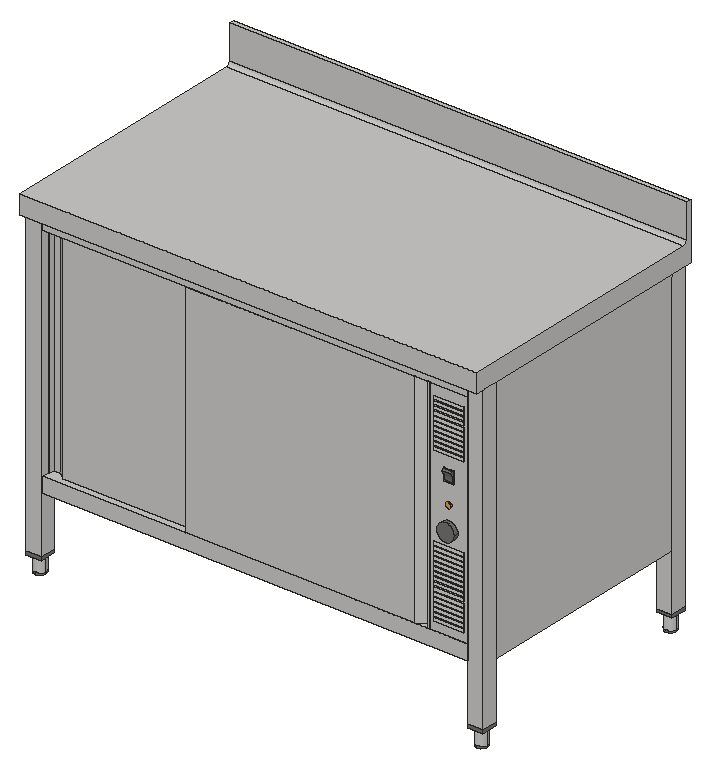
Revit family "QF_ELECTROLUXPROFESSIONAL_134050_GTC1210E", category Attrezzature speciali, Revit 2020
Family settings
  Quota connettore circolare = Usa diametro
  Tipo di parte = Normale
  Basato su piano di lavoro = No
  Sempre verticale = Sì
  Taglio con vuoti quando caricato = No
  Condiviso = No
  Punto di calcolo locali = No
Parameters (values of type "Standard")
  Weight = 72.00 kg
  Watts = 2530 W
  Volts = 220 V
  URL Manufacturer = "https://www.electroluxprofessional.com/"
  URL = "https://www.electroluxprofessional.com/"
  Steam Supply Size = 0 mm
  Steam Supply Minimum Pressure = 0.0 Pa
  Steam Supply Maximum Pressure = 0.0 Pa
  Steam Consumption per Hour = 0
  Refrigeration Suction Line Size = 0.0 mm
  Refrigeration Liquid Line Size = 0.0 mm
  Refrigerant Compressor Remote = yes
  Prospetto di default = 0.0 mm
  Produttore = "Electrolux Professional"
  Phase = 1
  Modello = "GTC1210E"
  Length Actual = 1200.0 mm  # constant formula
  Item Number = "134050"
  Hot Water Size = 0 mm
  Height Actual = 1000.0 mm  # constant formula
  HP = "3.4 HP"
  Gas Size = 0 mm
  Gas KW = 0
  Gas Input Pressure = 0 W
  Direct Waste Size = 0 mm
  Descrizione = "HOT CUPBOARD WITH UPSTAND 1200 MM"
  Depth Actual = 700.0 mm  # constant formula
  Cycle = 50 Hz
  Condensate Return Size = 0 mm
  Compressed Air Volume = 0.0 L/s
  Compressed Air Size = 0 mm
  Compressed Air Pressure = 0.0 Pa
  Cold Water Size = 0 mm
  Accessory = yes
Reference planes
  plane 1 "Center (Front/Back)": y = 0
  plane 2: z = 0
  plane 3 "Center (Left/Right)": x = -100
  plane 4 "LEFT": x = -700
  plane 5 "RIGHT": x = 500
  plane 6 "BACK": y = 350
  plane 7 "FRONT": y = -350
  plane 8 "Base": z = 850
  plane 9 "TOP": z = 900
  plane 10: x = -680
  plane 11: x = 480
  plane 12: y = 310
  plane 13: y = -310
  plane 14 "BodyLeft": x = -700
  plane 15 "BodyFront": y = -330
  plane 16 "BodyRight": x = 500
  plane 17 "BodyBack": y = 330
  plane 18 "FEET": z = 200
  plane 19: x = -20
  plane 20: x = -280
  plane 21 "AxeSlideDoor": x = -150
  plane 22: x = 360
  plane 23: x = 410
  plane 24: y = -160
Forms (mm)
  Extrusion 1, solid, material "QF_Finishes_Stainless Steel"
    sketch origin (-100, 0, 0) x (0, 1, 0) y (0, 0, 1)
      loop
        line (-350, 850) -> (350, 850) -> (350, 1000) -> (337, 1000) -> (337, 910)
        arc (337, 910) -> (334.071, 902.929) -> (327, 900) r 10
        line (327, 900) -> (-350, 900) -> (-350, 850)
    from 600 to -600
  Extrusion 2, solid, material "QF_Finishes_Stainless Steel"
    sketch origin (0, 0, 200) x (-1, 0, 0) y (0, -1, 0)
      loop
        line (700, -290) -> (700, 290) -> (660, 290) -> (660, -290) -> (700, -290)
      loop
        line (-460, -290) -> (-460, 290) -> (-500, 290) -> (-500, -290) -> (-460, -290)
    from 0 to 650
  Extrusion 3, solid, material "QF_Finishes_Stainless Steel"
    sketch origin (0, 0, 200) x (-1, 0, 0) y (0, -1, 0)
      loop
        line (660, -290) -> (660, 330) -> (-460, 330) -> (-460, -290) -> (660, -290)
    from 0 to 40
  Extrusion 4, solid, material "QF_Finishes_Stainless Steel"
    sketch origin (0, 0, 200) x (-1, 0, 0) y (0, -1, 0)
      loop
        line (660, -290) -> (-460, -290) -> (-460, -330) -> (660, -330) -> (660, -290)
    from 0 to 650
  Extrusion 5, solid, material "QF_Finishes_Stainless Steel"
    sketch origin (0, 0, 200) x (-1, 0, 0) y (0, -1, 0)
      loop
        line (-360, 330) -> (-360, 310) -> (280, 310) -> (280, 330) -> (-320, 330) -> (-340, 315) -> (-355, 315) -> (-355, 330) -> (-360, 330)
    from 40 to 620
  Extrusion 6, solid, material "QF_Finishes_Stainless Steel"
    sketch origin (0, 20, 200) x (1, 0, 0) y (0, 1, 0)
      loop
        line (-660, -330) -> (-655, -330) -> (-655, -315) -> (-640, -315) -> (-620, -330) -> (-20, -330) -> (-20, -310) -> (-660, -310) -> (-660, -330)
    from 40 to 620
  Extrusion 7, solid, material "QF_Finishes_Stainless Steel"
    sketch origin (0, 0, 200) x (-1, 0, 0) y (0, -1, 0)
      loop
        line (660, 290) -> (-460, 290) -> (-460, -290) -> (660, -290) -> (660, 290)
    from 350 to 390
  Extrusion 8, solid, material "QF_Finishes_Stainless Steel"
    sketch origin (0, 0, 200) x (-1, 0, 0) y (0, -1, 0)
      loop
        line (660, 330) -> (-460, 330) -> (-460, -310) -> (660, -310) -> (660, 330)
    from 620 to 650
  Extrusion 9, solid, material "QF_Finishes_Stainless Steel"
    sketch origin (0, 0, 200) x (-1, 0, 0) y (0, -1, 0)
      loop
        circle (-410, 160) r 10
    from 0 to -5
Lines and regions (mm)
  symbolic lines
    curve 1: line (500, 350, 900) -> (-700, 350, 900)
    curve 2: line (-700, 350, 900) -> (-700, -350, 900)
    curve 3: line (-700, -350, 900) -> (500, -350, 900)
    curve 4: line (500, -350, 900) -> (500, 350, 900)
  symbolic lines, style "SpecialityEquipmentHiddenLines"
    curve 5: line (-700, 330, 200) -> (500, 330, 200)
    curve 6: line (-700, -330, 200) -> (-700, 330, 200)
    curve 7: line (500, -330, 200) -> (-700, -330, 200)
    curve 8: line (500, 330, 200) -> (500, -330, 200)
    curve 9: line (-660, -290, 200) -> (-20, -290, 200)
    curve 10: line (-20, -290, 200) -> (-20, -310, 200)
    curve 11: line (-660, -310, 200) -> (360, -310, 200)
    curve 12: line (360, -310, 200) -> (360, -330, 200)
    curve 13: line (-280, -310, 200) -> (-280, -330, 200)
    curve 14: line (-660, -290, 200) -> (-660, -310, 200)
  symbolic lines, style "SpecialityEquipment"
    curve 15: line (-700, 337, 200) -> (500, 337, 200)
Dimensions and locks
  plane 4 "LEFT" to plane 5 "RIGHT" = 1200.0 mm
  equal spacing: plane 4 "LEFT", plane 3 "Center (Left/Right)", plane 5 "RIGHT"
  locked: plane 8 "Base" to level at 850
  plane 9 "TOP" to level = 900.0 mm
  plane 6 "BACK" to plane 7 "FRONT" = 700.0 mm
  equal spacing: plane 6 "BACK", plane 1 "Center (Front/Back)", plane 7 "FRONT"
  locked: plane 4 "LEFT" to plane 14 "BodyLeft"
  locked: plane 16 "BodyRight" to plane 5 "RIGHT"
  locked: plane 15 "BodyFront" to plane 7 "FRONT" at 20
  locked: plane 6 "BACK" to plane 17 "BodyBack" at 20
  locked: plane 14 "BodyLeft" to plane 10 at 20
  locked: plane 11 to plane 16 "BodyRight" at 20
  locked: plane 13 to plane 15 "BodyFront" at 20
  locked: plane 17 "BodyBack" to plane 12 at 20
  plane 10 to plane 11 = 1160.0 mm
  plane 12 to plane 13 = 620.0 mm
  locked: plane 14 "BodyLeft" to Extrusion 2 sketch curve at 40
  Extrusion 2 sketch curve to Extrusion 2 sketch curve = 40.0 mm
  locked: plane 18 "FEET" to plane 2 at 200
  plane 22 to plane 5 "RIGHT" = 140.0 mm
  equal spacing: Extrusion 2, plane 21 "AxeSlideDoor", plane 22
  locked: plane 20 to plane 21 "AxeSlideDoor" at 130
  locked: plane 21 "AxeSlideDoor" to plane 19 at 130
  plane 24 to plane 7 "FRONT" = 190.0 mm
  plane 23 to plane 16 "BodyRight" = 90.0 mm
  locked: Extrusion 1 to level at 1000
  aligned and locked: level to plane 2
  aligned and locked: plane 10 to nested 1
  aligned and locked: nested 1 to plane 13
  aligned and locked: plane 11 to nested 2
  aligned and locked: nested 2 to plane 13
  aligned and locked: plane 11 to nested 4
  aligned and locked: nested 4 to plane 12
  aligned and locked: plane 10 to nested 3
  aligned and locked: nested 3 to plane 12
  aligned and locked: Extrusion 1 to plane 4 "LEFT"
  aligned and locked: plane 5 "RIGHT" to Extrusion 1
  aligned and locked: curve 2 to plane 4 "LEFT"
  aligned and locked: Extrusion 2 sketch curve to plane 14 "BodyLeft"
  aligned and locked: plane 16 "BodyRight" to Extrusion 2 sketch curve
  aligned and locked: plane 8 "Base" to Extrusion 2
  aligned and locked: Extrusion 5 to Extrusion 3
  aligned and locked: Extrusion 6 sketch curve to plane 19
  aligned and locked: Extrusion 5 sketch curve to plane 20
  aligned and locked: Extrusion 1 to plane 8 "Base"
  aligned and locked: plane 9 "TOP" to Extrusion 1
  aligned and locked: curve 5 to plane 17 "BodyBack"
  aligned and locked: plane 14 "BodyLeft" to curve 6
  aligned and locked: plane 15 "BodyFront" to curve 7
  aligned and locked: plane 16 "BodyRight" to curve 8
  aligned and locked: Extrusion 3 sketch curve to Extrusion 2  (x2)
  aligned and locked: Extrusion 2 to Extrusion 4 sketch curve  (x2)
  aligned and locked: curve 7 to Extrusion 3 sketch curve
  aligned and locked: Extrusion 3 sketch curve to Extrusion 4
  aligned and locked: Extrusion 4 to plane 18 "FEET"
  aligned and locked: plane 22 to Extrusion 5 sketch curve
  aligned and locked: nested 5 to Extrusion 2
  aligned and locked: nested 5 to Extrusion 3
  aligned and locked: Extrusion 8 sketch curve to plane 15 "BodyFront"
  aligned and locked: plane 12 to Extrusion 8 sketch curve
  aligned and locked: curve 12 to plane 22
Automatic sketch dimensions
  curve 3 to plane 5 "RIGHT" = 0.0 mm
  curve 3 to plane 7 "FRONT" = 0.0 mm
  curve 2 to plane 6 "BACK" = 0.0 mm
  Extrusion 2 sketch curve to plane 12 = 20.0 mm  (x2)
  plane 13 to Extrusion 2 sketch curve = 20.0 mm  (x2)
  Extrusion 4 sketch curve to plane 17 "BodyBack" = 0.0 mm
  Extrusion 4 sketch curve to plane 12 = 20.0 mm
  Extrusion 5 sketch curve to plane 15 "BodyFront" = 0.0 mm  (x2)
  Extrusion 5 sketch curve to plane 13 = 0.0 mm
  Extrusion 5 sketch curve to plane 22 = 5.0 mm
  Extrusion 5 sketch curve to plane 13 = 5.0 mm
  Extrusion 5 sketch curve to Extrusion 5 sketch curve = 15.0 mm
  Extrusion 5 sketch curve to Extrusion 5 sketch curve = 20.0 mm
  Extrusion 6 sketch curve to plane 13 = 0.0 mm  (x2)
  Extrusion 6 sketch curve to plane 10 = 60.0 mm
  Extrusion 6 sketch curve to plane 13 = 15.0 mm
  Extrusion 6 sketch curve to Extrusion 6 sketch curve = 20.0 mm  (x2)
  Extrusion 6 sketch curve to Extrusion 6 sketch curve = 15.0 mm
  Extrusion 6 sketch curve to Extrusion 6 sketch curve = 5.0 mm
  Extrusion 7 sketch curve to plane 11 = 20.0 mm
  plane 10 to Extrusion 7 sketch curve = 20.0 mm
  Extrusion 7 sketch curve to plane 12 = 20.0 mm
  plane 13 to Extrusion 7 sketch curve = 20.0 mm
  Extrusion 8 sketch curve to plane 11 = 20.0 mm
  plane 10 to Extrusion 8 sketch curve = 20.0 mm
  Extrusion 9 sketch curve to plane 23 = 0.0 mm
  Extrusion 9 sketch curve to plane 24 = 0.0 mm
  Extrusion 1 sketch curve to plane 7 "FRONT" = 0.0 mm
  Extrusion 1 sketch curve to plane 9 "TOP" = 0.0 mm
  plane 9 "TOP" to Extrusion 1 sketch curve = 10.0 mm
  Extrusion 1 sketch curve to plane 6 "BACK" = 0.0 mm
  Extrusion 1 sketch curve to plane 8 "Base" = 0.0 mm
  Extrusion 1 sketch curve to plane 17 "BodyBack" = 3.0 mm
  plane 17 "BodyBack" to Extrusion 1 sketch curve = 7.0 mm
  Extrusion 1 sketch curve to Extrusion 1 sketch curve = 90.0 mm
  curve 15 to plane 5 "RIGHT" = 0.0 mm
  curve 11 to plane 13 = 0.0 mm
  curve 10 to plane 19 = 0.0 mm
  curve 13 to plane 20 = 0.0 mm
  curve 15 to plane 4 "LEFT" = 0.0 mm
  plane 10 to curve 14 = 20.0 mm
  plane 13 to curve 10 = 20.0 mm
  curve 15 to curve 5 = 7.0 mm
  radius of Extrusion 9 sketch curve = 10.0 mm
Nested families
  nested 1: "FEET_40x40_APP50" at (-680, -310, 0), type "FEET_40x40_APP50"
  nested 2: "FEET_40x40_APP50" at (480, -310, 0), type "FEET_40x40_APP50"
  nested 3: "FEET_40x40_APP50" at (-680, 310, 0), type "FEET_40x40_APP50"
  nested 4: "FEET_40x40_APP50" at (480, 310, 0), type "FEET_40x40_APP50"
  nested 5: "WT_PNL100x580" at (546.92, -290, 605) x (1, 0, 0) z (0, -1, 0), type "WT_PNL100x580"
    with Show Logo yes
Connectors
  electrical at (410, -160, 195)
    settings: on Extrusion 9, index 1, voltage 0 V, apparent load 0 VA, apparent load phase1 0 VA, apparent load phase2 0 VA, apparent load phase3 0 VA, power factor 1, load classification "Other", number of poles 1, system type 30, power factor state 1, is connector primary yes, connector utility no, sub classification motor no, connector description "Electrical connection"
Definition of nested family "FEET_40x40_APP50"
  Parameters
    Default Elevation = 0.0 mm
    FEET = 850.0 mm
  Reference planes
    plane 1 "Center (Front/Back)": y = 0
    plane 2: z = 0
    plane 3 "Center (Left/Right)": x = 0
    plane 4: z = 850
  Forms (mm)
    Extrusion 1, solid
      sketch origin (0, 0, 0) x (1, 0, 0) y (0, 1, 0)
        loop
          line (-20, -20) -> (20, -20) -> (20, 20) -> (-20, 20) -> (-20, -20)
      from 50 to 850
    Extrusion 2, solid
      sketch origin (0, 0, 0) x (1, 0, 0) y (0, 1, 0)
        loop
          circle (0, 0) r 15
      from 0 to 5
    Extrusion 3, solid
      sketch origin (0, 0, 0) x (1, 0, 0) y (0, 1, 0)
        loop
          line (-20, -20) -> (20, -20) -> (20, 20) -> (-20, 20) -> (-20, -20)
      from 50 to 42
    Extrusion 4, solid
      sketch origin (0, 0, 0) x (1, 0, 0) y (0, 1, 0)
        loop
          circle (0, 0) r 15
      from 5 to 42
  Lines and regions (mm)
    symbolic lines
      curve 1: line (0, -1.503, 0) -> (0, 1.508, 0)
      curve 2: line (1.561, 0, 0) -> (-1.439, 0, 0)
  Dimensions and locks
    "FEET": plane 4 to plane 2
    aligned and locked: level to plane 2
  Automatic sketch dimensions
    plane 1 "Center (Front/Back)" to curve 2 = 0.0 mm
    curve 1 to plane 3 "Center (Left/Right)" = 0.0 mm
    curve 2 to plane 3 "Center (Left/Right)" = 1.439 mm
    plane 3 "Center (Left/Right)" to curve 2 = 1.561 mm
    plane 1 "Center (Front/Back)" to curve 1 = 1.503 mm
    curve 1 to plane 1 "Center (Front/Back)" = 1.508 mm
    Extrusion 1 sketch curve to plane 3 "Center (Left/Right)" = 20.0 mm
    plane 3 "Center (Left/Right)" to Extrusion 1 sketch curve = 20.0 mm
    plane 1 "Center (Front/Back)" to Extrusion 1 sketch curve = 20.0 mm
    Extrusion 1 sketch curve to plane 1 "Center (Front/Back)" = 20.0 mm
    plane 1 "Center (Front/Back)" to Extrusion 2 sketch curve = 0.0 mm
    Extrusion 2 sketch curve to plane 3 "Center (Left/Right)" = 0.0 mm
    Extrusion 3 sketch curve to plane 3 "Center (Left/Right)" = 20.0 mm
    plane 3 "Center (Left/Right)" to Extrusion 3 sketch curve = 20.0 mm
    plane 1 "Center (Front/Back)" to Extrusion 3 sketch curve = 20.0 mm
    Extrusion 3 sketch curve to plane 1 "Center (Front/Back)" = 20.0 mm
    plane 1 "Center (Front/Back)" to Extrusion 4 sketch curve = 0.0 mm
    Extrusion 4 sketch curve to plane 3 "Center (Left/Right)" = 0.0 mm
    radius of Extrusion 2 sketch curve = 15.0 mm
    radius of Extrusion 4 sketch curve = 15.0 mm
Definition of nested family "WT_PNL100x580"
  Parameters
    Show Logo [instance] = yes
    Default Elevation = 1219.2 mm
  Reference planes
    plane 1 "Center (Front/Back)": y = -75
    plane 2: z = 0
    plane 3 "Center (Left/Right)": x = -136.92
    plane 4: x = -186.92
    plane 5: x = -86.92
    plane 6 "TOP": z = 40
  Forms (mm)
    Extrusion 1, solid
      sketch origin (0, 0, 0) x (1, 0, 0) y (0, 1, 0)
        loop
          line (-1219.2, 1219.2) -> (-1219.2, -1219.2) -> (1219.2, -1219.2) -> (1219.2, 1219.2) -> (-1219.2, 1219.2)
      from 0 to -304.8
    Extrusion 2, solid
      sketch origin (0, 35, 0) x (1, 0, 0) y (0, 1, 0)
        loop
          line (-186.92, 180) -> (-186.92, -400) -> (-86.92, -400) -> (-86.92, 180) -> (-186.92, 180)
      from 0 to 40
    Extrusion 3, solid
      sketch origin (0, 35, 40) x (-1, 0, 0) y (0, -1, 0)
        loop
          circle (136.92, 151.711) r 22.964
      from 0 to 11.071
    Extrusion 4, solid
      sketch origin (-136.92, 35, 0) x (0, 1, 0) y (0, 0, 1)
        loop
          line (95.896, 40) -> (104.899, 40) -> (95.896, 41.206) -> (95.896, 40)
        loop
          line (107.896, 40) -> (116.899, 40) -> (107.896, 41.206) -> (107.896, 40)
        loop
          line (119.896, 40) -> (128.899, 40) -> (119.896, 41.206) -> (119.896, 40)
        loop
          line (131.896, 40) -> (140.899, 40) -> (131.896, 41.206) -> (131.896, 40)
        loop
          line (143.896, 40) -> (152.899, 40) -> (143.896, 41.206) -> (143.896, 40)
        loop
          line (-246.104, 40) -> (-237.101, 40) -> (-246.104, 41.206) -> (-246.104, 40)
        loop
          line (-234.104, 40) -> (-225.101, 40) -> (-234.104, 41.206) -> (-234.104, 40)
        loop
          line (-222.104, 40) -> (-213.101, 40) -> (-222.104, 41.206) -> (-222.104, 40)
        loop
          line (-210.104, 40) -> (-201.101, 40) -> (-210.104, 41.206) -> (-210.104, 40)
        loop
          line (-198.104, 40) -> (-189.101, 40) -> (-198.104, 41.206) -> (-198.104, 40)
        loop
          line (-318.104, 40) -> (-309.101, 40) -> (-318.104, 41.206) -> (-318.104, 40)
        loop
          line (-306.104, 40) -> (-297.101, 40) -> (-306.104, 41.206) -> (-306.104, 40)
        loop
          line (-294.104, 40) -> (-285.101, 40) -> (-294.104, 41.206) -> (-294.104, 40)
        loop
          line (-282.104, 40) -> (-273.101, 40) -> (-282.104, 41.206) -> (-282.104, 40)
        loop
          line (-270.104, 40) -> (-261.101, 40) -> (-270.104, 41.206) -> (-270.104, 40)
        loop
          line (-258.104, 40) -> (-249.101, 40) -> (-258.104, 41.206) -> (-258.104, 40)
        loop
          line (-366.104, 40) -> (-357.101, 40) -> (-366.104, 41.206) -> (-366.104, 40)
        loop
          line (-354.104, 40) -> (-345.101, 40) -> (-354.104, 41.206) -> (-354.104, 40)
        loop
          line (-342.104, 40) -> (-333.101, 40) -> (-342.104, 41.206) -> (-342.104, 40)
        loop
          line (-330.104, 40) -> (-321.101, 40) -> (-330.104, 41.206) -> (-330.104, 40)
        loop
          line (-378.104, 40) -> (-369.101, 40) -> (-378.104, 41.206) -> (-378.104, 40)
        loop
          line (23.896, 40) -> (32.899, 40) -> (23.896, 41.206) -> (23.896, 40)
        loop
          line (35.896, 40) -> (44.899, 40) -> (35.896, 41.206) -> (35.896, 40)
        loop
          line (47.896, 40) -> (56.899, 40) -> (47.896, 41.206) -> (47.896, 40)
        loop
          line (59.896, 40) -> (68.899, 40) -> (59.896, 41.206) -> (59.896, 40)
        loop
          line (71.896, 40) -> (80.899, 40) -> (71.896, 41.206) -> (71.896, 40)
        loop
          line (83.896, 40) -> (92.899, 40) -> (83.896, 41.206) -> (83.896, 40)
      from -40 to 40
    Extrusion 5, solid
      sketch origin (0, -5, 40) x (-1, 0, 0) y (0, -1, 0)
        loop
          line (123.92, -32.89) -> (149.92, -32.89) -> (149.92, -1.89) -> (123.92, -1.89) -> (123.92, -32.89)
        loop
          line (148.92, -31.89) -> (148.92, -2.89) -> (124.92, -2.89) -> (124.92, -31.89) -> (148.92, -31.89)
      from 0 to 1.6
    Extrusion 6, solid
      sketch origin (0, 95, 40) x (-1, 0, 0) y (0, -1, 0)
        loop
          circle (136.92, 151.711) r 7
      from 0 to 1.6
    Extrusion 7, solid
      sketch origin (-136.92, 35, 0) x (0, 1, 0) y (0, 0, 1)
        loop
          line (-37.11, 38) -> (-8.11, 38) -> (-8.11, 41.206)
          arc (-8.11, 41.206) -> (-8.756, 45.488) -> (-10.639, 49.389) r 14.5
          arc (-10.639, 49.389) -> (-23.172, 43.026) -> (-37.11, 41.206) r 41.552
          line (-37.11, 41.206) -> (-37.11, 38)
      from -12 to 12
  Dimensions and locks
    equal spacing: plane 4, plane 3 "Center (Left/Right)", plane 5
    plane 6 "TOP" to level = 40.0 mm
    Extrusion 2 to Extrusion 2 = 580.0 mm
    plane 4 to plane 5 = 100.0 mm
    aligned and locked: plane 2 to Extrusion 1
    aligned and locked: level to Extrusion 1
  Automatic sketch dimensions
    Extrusion 1 sketch curve to Extrusion 1 sketch curve = 2438.4 mm  (x2)
    Extrusion 2 sketch curve to plane 4 = 0.0 mm
    Extrusion 2 sketch curve to plane 5 = 0.0 mm
    Extrusion 3 sketch curve to plane 3 "Center (Left/Right)" = 0.0 mm
    plane 1 "Center (Front/Back)" to Extrusion 3 sketch curve = 41.711 mm
    plane 3 "Center (Left/Right)" to Extrusion 5 sketch curve = 13.0 mm
    Extrusion 5 sketch curve to plane 3 "Center (Left/Right)" = 13.0 mm
    Extrusion 5 sketch curve to plane 1 "Center (Front/Back)" = 102.89 mm
    Extrusion 5 sketch curve to Extrusion 5 sketch curve = 31.0 mm
    Extrusion 6 sketch curve to plane 3 "Center (Left/Right)" = 0.0 mm
    Extrusion 6 sketch curve to plane 1 "Center (Front/Back)" = 18.289 mm
    Extrusion 4 sketch curve to plane 6 "TOP" = 0.0 mm  (x27)
    Extrusion 4 sketch curve to Extrusion 4 sketch curve = 9.003 mm  (x27)
    Extrusion 4 sketch curve to Extrusion 4 sketch curve = 2.997 mm  (x25)
    plane 6 "TOP" to Extrusion 4 sketch curve = 1.206 mm  (x27)
    Extrusion 4 sketch curve to plane 1 "Center (Front/Back)" = 133.896 mm
    Extrusion 5 sketch curve to Extrusion 5 sketch curve = 1.0 mm  (x4)
    Extrusion 7 sketch curve to plane 6 "TOP" = 2.0 mm
    Extrusion 7 sketch curve to plane 1 "Center (Front/Back)" = 72.89 mm
    Extrusion 7 sketch curve to plane 1 "Center (Front/Back)" = 74.556 mm
    plane 6 "TOP" to Extrusion 7 sketch curve = 1.206 mm  (x2)
    Extrusion 7 sketch curve to Extrusion 7 sketch curve = 14.5 mm  (x2)
    Extrusion 7 sketch curve to Extrusion 7 sketch curve = 2.529 mm
    Extrusion 2 sketch curve to plane 1 "Center (Front/Back)" = 290.0 mm
    plane 1 "Center (Front/Back)" to Extrusion 2 sketch curve = 290.0 mm
    plane 1 "Center (Front/Back)" to Extrusion 4 sketch curve = 79.101 mm
    radius of Extrusion 3 sketch curve = 22.964 mm
    radius of Extrusion 6 sketch curve = 7.0 mm
